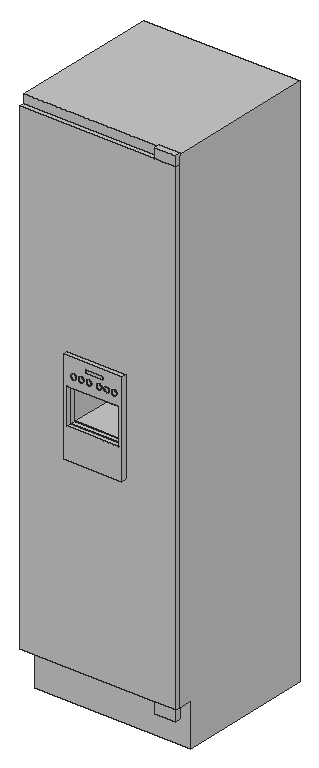
Revit family "RF463705", category Generic Models, Revit 2014
Parameters (values of type "RF463705")
  Width = 610 mm
  URL = "http://www.gaggenau.com."
  Model = "RF463705"
  Manufacturer = "Gaggenau"
  Height = 2125 mm
  Handle = Metal Panel
  Fridge = Metal Panel
  Door = Metal Panel
  Description = "Gaggenau 24\" Freezer column with IWD, left-hinged"
  Depth = 608 mm
Reference planes
  plane 1 "Center (Front/Back)": y = 0
  plane 2: z = 0
  plane 3 "Center (Left/Right)": x = 0
  plane 4: z = 2125
  plane 5: x = -305
  plane 6: x = 305
  plane 7: y = 266.012
  plane 8: y = -341.988
  plane 9: z = 181
  plane 10: z = 102
  plane 11: z = 14.093
  plane 12: z = 2131
  plane 13: z = 2091
  plane 14: y = -268.988
  plane 15: y = -321.988
  plane 16: x = 244.794
  plane 17: z = 1098.573
  plane 18: y = -360.988
Forms (mm)
  Extrusion 1, solid, material "Metal Panel" <- "Fridge"
    sketch origin (0, 0, 0) x (0, 1, 0) y (0, 0, 1)
      loop
        line (266.012, 2125) -> (-321.988, 2125) -> (-321.988, 181) -> (-268.988, 181) -> (-268.988, 14.093) -> (266.012, 14.093) -> (266.012, 2125)
    from -305 to 305
  Extrusion 2, solid, material "Metal Panel" <- "Door"
    sketch origin (0, 0, 0) x (1, 0, 0) y (0, 0, 1)
      loop
        line (-305, 181) -> (305, 181) -> (305, 2091) -> (-305, 2091) -> (-305, 181)
    from 321.988 to 341.988
  Extrusion 3, solid, material "Metal Panel" <- "Door"
    sketch origin (0, 0, -0.35) x (1, 0, 0) y (0, 0, 1)
      loop
        line (305, 2131.35) -> (225, 2131.35) -> (225, 2091.35) -> (305, 2091.35) -> (305, 2131.35)
      loop
        line (305, 181.35) -> (225, 181.35) -> (225, 141.35) -> (305, 141.35) -> (305, 181.35)
    from 321.988 to 341.988
  Extrusion 4, solid, material "Metal Panel" <- "Fridge"
    sketch origin (0, 0, 0) x (1, 0, 0) y (0, 1, 0)
      loop
        circle (-273.403, -159.898) r 11.868
      loop
        circle (-273.403, 159.898) r 11.868
      loop
        circle (273.403, -159.898) r 11.868
      loop
        circle (273.403, 159.898) r 11.868
    from 0 to 14.093
  Extrusion 5, void
    sketch origin (0, 0, 0) x (1, 0, 0) y (0, 0, 1)
      loop
        line (-105, 1185) -> (-105, 1043.376) -> (97.242, 1043.376) -> (97.242, 1185) -> (-105, 1185)
    from 360.988 to 165.127
  Extrusion 6, solid, material "Metal Panel" <- "Door"
    sketch origin (0, 0, 0) x (1, 0, 0) y (0, 0, 1)
      loop
        line (-120, 1292.438) -> (-120, 924.938) -> (111.18, 924.938) -> (111.18, 1292.438) -> (-120, 1292.438)
      loop
        line (-32.243, 1266.361) -> (-32.243, 1256.361) -> (32.757, 1256.361) -> (32.757, 1266.361) -> (-32.243, 1266.361)
      loop
        circle (-79.737, 1225.885) r 10
      loop
        circle (-49.737, 1225.885) r 10
      loop
        circle (-19.737, 1225.885) r 10
      loop
        circle (79.737, 1225.885) r 10
      loop
        circle (49.737, 1225.885) r 10
      loop
        circle (19.737, 1225.885) r 10
    from 360.988 to 341.988
  Extrusion 7, solid, material "Metal Panel" <- "Door"
    sketch origin (0, 0, 0) x (1, 0, 0) y (0, 0, 1)
      loop
        line (32.757, 1256.361) -> (32.757, 1266.361) -> (-32.243, 1266.361) -> (-32.243, 1256.361) -> (32.757, 1256.361)
      loop
        circle (-79.737, 1225.885) r 10
      loop
        circle (-49.737, 1225.885) r 10
      loop
        circle (-19.737, 1225.885) r 10
      loop
        circle (19.737, 1225.885) r 10
      loop
        circle (49.737, 1225.885) r 10
      loop
        circle (79.737, 1225.885) r 10
    from 360.988 to 341.988
Cuts and joins
  Extrusion 5 cuts Extrusion 1
  Extrusion 5 cuts Extrusion 2
  Extrusion 5 cuts Extrusion 6
Dimensions and locks
  "Width": plane 5 to plane 6
  plane 7 to plane 8 = 608 mm  (x2)
  plane 4 to plane 2 = 2125 mm
  plane 9 to plane 2 = 181 mm
  plane 10 to plane 2 = 102 mm
  plane 12 to plane 13 = 40 mm
  plane 14 to plane 8 = 73 mm
  plane 6 to plane 16 = 60.206 mm
  equal spacing: plane 5, plane 3 "Center (Left/Right)", plane 6
  plane 12 to plane 10 = 2029 mm
  Extrusion 6 sketch curve to Extrusion 6 sketch curve = 367.5 mm
  cut or joined group of Extrusion 2, Extrusion 5 to Extrusion 6 = 19 mm
  cut or joined group of Extrusion 5, Extrusion 6 to cut or joined group of Extrusion 5, Extrusion 6 = 231.18 mm
  aligned and locked: level to plane 2
  aligned and locked: plane 5 to Extrusion 1
  aligned and locked: plane 6 to Extrusion 1
  aligned and locked: Extrusion 2 to plane 8
  aligned and locked: Extrusion 2 to Extrusion 1
  aligned and locked: Extrusion 3 to plane 8
  aligned and locked: Extrusion 3 to Extrusion 1
  aligned and locked: plane 13 to Extrusion 2 sketch curve
  aligned and locked: plane 6 to Extrusion 2 sketch curve
  aligned and locked: plane 5 to Extrusion 2 sketch curve
Automatic sketch dimensions
  Extrusion 1 sketch curve to plane 4 = 0 mm
  Extrusion 1 sketch curve to plane 15 = 0 mm
  Extrusion 1 sketch curve to plane 9 = 0 mm
  Extrusion 1 sketch curve to plane 14 = 0 mm
  Extrusion 1 sketch curve to plane 7 = 0 mm
  Extrusion 1 sketch curve to plane 11 = 0 mm
  Extrusion 4 sketch curve to plane 5 = 31.597 mm  (x2)
  plane 16 to Extrusion 4 sketch curve = 28.608 mm  (x2)
  Extrusion 4 sketch curve to plane 14 = 109.089 mm  (x2)
  Extrusion 4 sketch curve to plane 7 = 106.114 mm  (x2)
  plane 10 to Extrusion 2 sketch curve = 79 mm
  Extrusion 3 sketch curve to plane 16 = 19.794 mm  (x2)
  Extrusion 3 sketch curve to plane 12 = 0 mm
  Extrusion 3 sketch curve to plane 6 = 0 mm  (x2)
  Extrusion 3 sketch curve to plane 9 = 0 mm
  Extrusion 3 sketch curve to plane 13 = 0 mm
  Extrusion 3 sketch curve to plane 9 = 40 mm
  Extrusion 5 sketch curve to plane 3 "Center (Left/Right)" = 105 mm
  Extrusion 5 sketch curve to plane 16 = 147.553 mm
  plane 9 to Extrusion 5 sketch curve = 862.376 mm
  Extrusion 5 sketch curve to Extrusion 5 sketch curve = 141.624 mm
  Extrusion 6 sketch curve to plane 3 "Center (Left/Right)" = 120 mm
  Extrusion 6 sketch curve to Extrusion 6 sketch curve = 40.263 mm
  Extrusion 6 sketch curve to Extrusion 6 sketch curve = 30 mm  (x3)
  Extrusion 6 sketch curve to plane 3 "Center (Left/Right)" = 32.243 mm
  Extrusion 6 sketch curve to plane 3 "Center (Left/Right)" = 19.737 mm
  plane 3 "Center (Left/Right)" to Extrusion 6 sketch curve = 19.737 mm
  plane 3 "Center (Left/Right)" to Extrusion 6 sketch curve = 32.757 mm
  plane 3 "Center (Left/Right)" to Extrusion 6 sketch curve = 111.18 mm
  Extrusion 6 sketch curve to plane 17 = 173.635 mm
  Extrusion 6 sketch curve to Extrusion 6 sketch curve = 66.553 mm
  Extrusion 6 sketch curve to Extrusion 6 sketch curve = 0 mm  (x5)
  Extrusion 6 sketch curve to Extrusion 6 sketch curve = 30.476 mm
  Extrusion 6 sketch curve to Extrusion 6 sketch curve = 10 mm
  Extrusion 7 sketch curve to plane 3 "Center (Left/Right)" = 32.243 mm
  plane 3 "Center (Left/Right)" to Extrusion 7 sketch curve = 32.757 mm
  plane 17 to Extrusion 7 sketch curve = 157.788 mm
  Extrusion 7 sketch curve to Extrusion 7 sketch curve = 10 mm  (x6)
  Extrusion 7 sketch curve to Extrusion 7 sketch curve = 47.494 mm
  Extrusion 7 sketch curve to Extrusion 7 sketch curve = 30.476 mm
  Extrusion 7 sketch curve to Extrusion 7 sketch curve = 20 mm  (x3)
  Extrusion 7 sketch curve to Extrusion 7 sketch curve = 0 mm  (x7)
  Extrusion 7 sketch curve to plane 3 "Center (Left/Right)" = 19.737 mm
  plane 3 "Center (Left/Right)" to Extrusion 7 sketch curve = 19.737 mm
  plane 3 "Center (Left/Right)" to Extrusion 7 sketch curve = 9.737 mm
  radius of Extrusion 4 sketch curve = 11.868 mm  (x4)
  radius of Extrusion 6 sketch curve = 10 mm  (x6)
